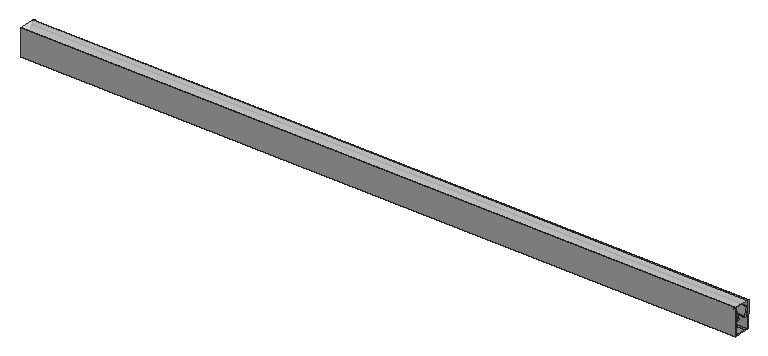
Revit family "2093117 Sylvania Lighting Fixture MC2 2-4M 4K DALI WHT OPAL Surface", category Lighting Fixtures, host Face, Revit 2016
Family settings
  Host = Face
  Part Type = Normal
  Round Connector Dimension = Use Diameter
  OmniClass Number = 23.80.70.11.17
  OmniClass Title = Specialized Lighting by Location or Use
  Cut with Voids When Loaded = No
  Light Source = Yes
  Shared = No
  Room Calculation Point = No
Parameters (values of type "2093117 MC2 2.4M 4K DALI WHT OPAL Surface")
  Width_SYL = 54.0 mm
  Weight = "5.544 kg"
  Wattage = 42 W
  WarrantyStartDate [instance] = "n/a"
  WarrantyGuarantorParts = "n/a"
  WarrantyDurationUnit = "n/a"
  WarrantyDurationParts = "n/a"
  WarrantyDescription = "n/a"
  built-in parameter 1150110 = 1 (stored number, unit not read)
  Voltage = 0 V
  URL = "http://www.sylvania-lighting.com"
  TypeName = "MC2 2.4M 4K DALI WHT OPAL Surface"
  built-in parameter 1114217 = 1 (stored number, unit not read)
  Tilt Angle = -90.00°
  built-in parameter 1150109 = 1 (stored number, unit not read)
  built-in parameter 1150134 = 12
  built-in parameter 1150113 = 1 (stored number, unit not read)
  SerialNumber [instance] = "n/a"
  PowerFactor = 0.98
  PowerConsumption = "42 W"
  NominalWidth = 0.0 mm
  NominalLength = 2400.0 mm
  NominalHeight = 86.0 mm
  Name = "MC2 2.4M 4K DALI WHT OPAL Surface"
  ModelReference = "MC2 2.4M 4K DALI WHT OPAL Surface"
  ModelNumber = "2093117"
  Material_3_SYL = Metal_Sylvania_Mini Contiuum II_Silver
  Photometric Web File = "2093117.ies"
  Material_4_SYL = Metal_Sylvania_Mini Contiuum II_Silver
  Material = "aluminium housing, polycarbonate diffuser"
  ManufacturerName = "Feilo Sylvania"
  LuminousEfficacy = "111 lm/W"
  LuminaireType = ""
  LightOutputRatio = "100"
  Length_SYL = 2400.0 mm
  LampsType = Lamp  # "LED"
  LampNominalLuminous = "4680 lm"
  LampMacAdamStep = "3"
  LampColourTemperature = "4000 K"
  LampColourRenderingIndex = "80"
  Keynote = "16500"
  InstallationDate [instance] = "n/a"
  InputVoltage = "n/a"
  InputNominalFrequency = "n/a"
  IngressProtection = "IP20"
  ImpactProtectionIndex = "n/a"
  IfcExportType = "IfcLightFixtureType"
  IfcExportAs = "IfcLightFixtureType"
  Height_SYL = 86.0 mm
  ExpectedLife = 50000
  EndCapRight_SYL [instance] = no
  EndCapLeft_SYL [instance] = no
  Emit from Rectangle Width = Width_SYL - 2.0 mm  # 52.0 mm
  Emit from Rectangle Length = Length_SYL  # 2400.0 mm
  Emit Shape Visible in Rendering = no
  ElectricShockClassification = "Class I"
  DurationUnit = "hours"
  DocumentationLiterature = "http://www.sylvania-lighting.com/product/en-int/products/2093117"
  DimmingControlOptions = "n/a"
  CreatedOn = "10/15/2018"
  CreatedBy = "@sylvania-lighting.com"
  built-in parameter 1114216 [instance] = 1 (stored number, unit not read)
  Model = "MC2 2.4M 4K DALI WHT OPAL Surface"
  Manufacturer = "Feilo Sylvania"
  built-in parameter 1150105 = 370.99 (stored number, unit not read)
  Lumens = 4662 lm
  built-in parameter 1150115 = 1 (stored number, unit not read)
  built-in parameter 1150137 = (empty or 0)
  built-in parameter 1150139 = (empty or 0)
  built-in parameter 1150112 = 1 (stored number, unit not read)
  built-in parameter 1150114 = 1 (stored number, unit not read)
  Lamp = "LED"
  built-in parameter 1150132 = 2
  built-in parameter 1150102 = (empty or 0)
  built-in parameter 1150107 = 4000 (stored number, unit not read)
  built-in parameter 1150138 = (empty or 0)
  built-in parameter 1150106 = 3.7099 (stored number, unit not read)
  Material_1_SYL = Metal_Sylvania_Mini Continuum II_White
  built-in parameter 1150104 = 10.312 (stored number, unit not read)
  Dimming Lamp Color Temperature Shift = <None>
  Material_2_SYL = Polycarbonate_Sylvania_Mini Continuum II_Opal_4000K
  Description = "2093117   MC2 2.4M 4K DALI WHT OPAL  Continuous lines of LED light, white RAL 9016, direct distribution, trimless detail for a seamless finish, suitable for recessed, semi-recessed, surface-mounted or suspended installation either horizontally or vertically, various accessories available, compact and minimalist design based on the Golden Mean, ideal for offices, meeting rooms, corridors, education facilities, museums and libraries, extruded aluminium body, diffuser: opal, colour temperature: 4000K neutral white, total system power: 42W, total fixture output: 4414lm, luminaire efficacy: 105lm/W, LOR: 100%, colour rendering: Ra >80, LED Chromacity: 1 step MacAdam ellipse, lifetime: 60,000 hours at 90% of the original output (L90), energy class: A++, A+, A, IR/UV free light source without heat radiation, operating voltage: 220-240V / 50-60Hz, drive current: 800mA, electronic driver, DALI dimmable, electrical protection: CLASS I, IP20, suitable for internal environment only."
  Default Elevation = 0.0 mm
  Color Filter = 16777215
  built-in parameter 1140040 [instance] = 1
  BarCode [instance] = "n/a"
  built-in parameter 1114218 = 1 (stored number, unit not read)
  built-in parameter 1150133 = 10 (stored number, unit not read)
  AssetType = "Fixed"
  AssetIdentifier [instance] = "n/a"
  Assembly Code = "D5020200"
  Apparent Load = 42 VA
Reference planes
  plane 1 "Center (Front/Back)": y = 0
  plane 2 "Bottom Fixtures": z = 0
  plane 3 "Center (Left/Right)": x = 0
  plane 4 "Fixture Left": x = -1200
  plane 5 "Fixture Right": x = 1200
  plane 6 "Fixture Bottom": z = 86
  plane 7: z = 84
  plane 8: z = 82
  plane 9: z = 72.951
  plane 10: z = 42.951
  plane 11 "Fixture Top": z = 0
  plane 12 "Mounting Right": x = 1172
  plane 13 "Mounting Left": x = -1172
  plane 14: y = 27
  plane 15: y = -27
  plane 16: y = -26
  plane 17: y = -25
  plane 18: y = 26
  plane 19: y = 25
  plane 20: y = 11
  plane 21: y = -11
  plane 22: y = 24
  plane 23: y = 22
  plane 24: y = -22
  plane 25: y = 15
  plane 26: y = -15
  plane 27 "Upper Diffuser Left": x = -1050
  plane 28 "Upper Diffuser Right": x = 1050
  plane 29: x = -1202
  plane 30: x = 1202
Forms (mm)
  Extrusion 1, solid, material "Metal_Sylvania_Mini Continuum II_White" <- "Material_1_SYL", detail levels fine
    sketch origin (0, 0, 520) x (0, 1, 0) y (0, 0, 1)
      loop
        line (27, -434) -> (26, -434) -> (26, -436) -> (25, -436) -> (25, -518) -> (13, -518) -> (13, -516) -> (-13, -516) -> (-13, -518) -> (-25, -518) -> (-25, -436) -> (-26, -436) -> (-26, -434) -> (-27, -434) -> (-27, -520) -> (-11, -520) -> (-11, -518) -> (11, -518) -> (11, -520) -> (27, -520) -> (27, -434)
    from -1200 to 1200
  Extrusion 2, solid, material "Polycarbonate_Sylvania_Mini Continuum II_Opal_4000K" <- "Material_2_SYL", detail levels fine
    sketch origin (0, 0, 520) x (0, 1, 0) y (0, 0, 1)
      loop
        line (-26, -434) -> (-26, -436) -> (26, -436) -> (26, -434) -> (-26, -434)
    from -1200 to 1200
  Extrusion 3, solid, material "Metal_Sylvania_Mini Contiuum II_Silver" <- "Material_3_SYL", detail levels fine
    sketch origin (0, 0, 520) x (0, 1, 0) y (0, 0, 1)
      loop
        line (22, -447.049) -> (20.973, -447.049) -> (14.206, -476.049) -> (11, -476.049) -> (11, -477.049) -> (15, -477.049) -> (22, -447.049)
      loop
        line (-15, -477.049) -> (-11, -477.049) -> (-11, -476.049) -> (-14.206, -476.049) -> (-20.973, -447.049) -> (-22, -447.049) -> (-15, -477.049)
    from -1200 to 1200
  Extrusion 4, solid, material "Metal_Sylvania_Mini Continuum II_White" <- "Material_1_SYL", detail levels coarse+medium
    sketch origin (0, 0, 520) x (0, 1, 0) y (0, 0, 1)
      loop
        line (-27, -434) -> (-27, -520) -> (27, -520) -> (27, -434) -> (-27, -434)
    from -1200 to 1200
  Extrusion 5, solid, material "Metal_Sylvania_Mini Continuum II_White" <- "Material_1_SYL", visible <- "EndCapLeft_SYL"
    sketch origin (-1200, 171.684, 1219.2) x (0, 1, 0) y (0, 0, 1)
      loop
        line (-198.684, -1219.2) -> (-144.684, -1219.2) -> (-144.684, -1133.2) -> (-198.684, -1133.2) -> (-198.684, -1219.2)
    from 0 to -2
  Extrusion 6, solid, material "Metal_Sylvania_Mini Continuum II_White" <- "Material_1_SYL", visible <- "EndCapRight_SYL"
    sketch origin (1200, 171.684, 1219.2) x (0, 1, 0) y (0, 0, -1)
      loop
        line (-144.684, 1133.2) -> (-144.684, 1219.2) -> (-198.684, 1219.2) -> (-198.684, 1133.2) -> (-144.684, 1133.2)
    from 0 to -2
Lines and regions (mm)
  Masking region 1
    outline origin (0, 0, -86) x (-1, 0, 0) y (0, -1, 0)
      loop
        line (1200, -27) -> (1200, 27) -> (-1200, 27) -> (-1200, -27) -> (1200, -27)
  symbolic lines, detail levels fine
    curve 1: line (-1200, 26, -86) -> (1200, 26, -86)
    curve 2: line (-1200, -26, -86) -> (1200, -26, -86)
Dimensions and locks
  host sketch curve to plane 3 "Center (Left/Right)" to host sketch curve = 820.0 mm, 775.047 mm
  equal spacing: plane 4 "Fixture Left", plane 3 "Center (Left/Right)", plane 5 "Fixture Right"
  "Length_SYL": plane 4 "Fixture Left" to plane 5 "Fixture Right"
  plane 6 "Fixture Bottom" to plane 7 to plane 8 to plane 9 to plane 10 = 2.0 mm locked, 2.0 mm locked, 9.049 mm locked, 30.0 mm locked
  locked: Extrusion 1 sketch curve to Extrusion 1 sketch curve at 2
  locked: Extrusion 1 sketch curve to plane 11 "Fixture Top" at 2
  "Height_SYL": plane 6 "Fixture Bottom" to plane 11 "Fixture Top"
  locked: plane 12 "Mounting Right" to plane 5 "Fixture Right" at 28
  locked: plane 4 "Fixture Left" to plane 13 "Mounting Left" at 28
  plane 6 "Fixture Bottom" to plane 2 "Bottom Fixtures" = 86.0 mm
  equal spacing: plane 14, plane 1 "Center (Front/Back)", plane 15
  "Width_SYL": plane 14 to plane 15
  plane 21 to plane 26 to plane 24 to plane 17 to plane 16 to plane 15 = 4.0 mm locked, 7.0 mm locked, 3.0 mm locked, 1.0 mm locked, 1.0 mm locked
  plane 14 to plane 18 to plane 19 to plane 22 to plane 23 to plane 25 to plane 20 = 1.0 mm locked, 1.0 mm locked, 1.0 mm locked, 2.0 mm locked, 7.0 mm locked, 4.0 mm locked
  locked: plane 4 "Fixture Left" to plane 27 "Upper Diffuser Left" at 150
  locked: plane 28 "Upper Diffuser Right" to plane 5 "Fixture Right" at 150
  equal spacing: plane 29, plane 3 "Center (Left/Right)", plane 30
  locked: plane 29 to plane 4 "Fixture Left" at 2
  aligned and locked: plane 2 "Bottom Fixtures" to host face
  aligned and locked: level to host face
  aligned and locked: plane 5 "Fixture Right" to curve 1
  aligned and locked: plane 4 "Fixture Left" to curve 1
  aligned and locked: plane 4 "Fixture Left" to curve 2
  aligned and locked: plane 5 "Fixture Right" to curve 2
  aligned and locked: Extrusion 1 sketch curve to plane 7
  aligned and locked: plane 6 "Fixture Bottom" to Extrusion 1 sketch curve  (x2)
  aligned and locked: plane 7 to Extrusion 1 sketch curve
  aligned and locked: Extrusion 1 to Extrusion 2 sketch curve
  aligned and locked: Extrusion 2 sketch curve to Extrusion 1  (x3)
  aligned and locked: Extrusion 3 sketch curve to plane 10
  aligned and locked: plane 9 to Extrusion 3 sketch curve
  aligned and locked: Extrusion 3 sketch curve to plane 9
  aligned and locked: Extrusion 4 sketch curve to plane 6 "Fixture Bottom"
  aligned and locked: Extrusion 4 to plane 4 "Fixture Left"
  aligned and locked: Extrusion 2 to plane 4 "Fixture Left"
  aligned and locked: Extrusion 3 to plane 4 "Fixture Left"
  aligned and locked: Extrusion 1 to plane 4 "Fixture Left"
  aligned and locked: Extrusion 4 to plane 5 "Fixture Right"
  aligned and locked: Extrusion 2 to plane 5 "Fixture Right"
  aligned and locked: Extrusion 3 to plane 5 "Fixture Right"
  aligned and locked: Extrusion 1 to plane 5 "Fixture Right"
  aligned and locked: plane 11 "Fixture Top" to Extrusion 4 sketch curve
  aligned and locked: Extrusion 1 sketch curve to plane 11 "Fixture Top"  (x2)
  aligned and locked: Extrusion 1 sketch curve to Extrusion 1 sketch curve
  aligned and locked: plane 6 "Fixture Bottom" to imposter light
  aligned and locked: plane 20 to Extrusion 3 sketch curve
  aligned and locked: Extrusion 3 sketch curve to plane 21
  aligned and locked: Extrusion 5 sketch curve to Extrusion 4  (x4)
  aligned and locked: Extrusion 5 to plane 29
  aligned and locked: plane 4 "Fixture Left" to Extrusion 5
  aligned and locked: Extrusion 6 sketch curve to Extrusion 4  (x4)
  aligned and locked: plane 30 to Extrusion 6
  aligned and locked: plane 5 "Fixture Right" to Extrusion 6
Automatic sketch dimensions
  host sketch curve to host sketch curve = 1047.463 mm
  plane 18 to curve 1 = 0.0 mm
  curve 2 to plane 16 = 0.0 mm
  Masking region 1 sketch curve to plane 5 "Fixture Right" = 0.0 mm
  Masking region 1 sketch curve to plane 4 "Fixture Left" = 0.0 mm
  plane 14 to Masking region 1 sketch curve = 0.0 mm
  Masking region 1 sketch curve to plane 15 = 0.0 mm
  Extrusion 1 sketch curve to plane 15 = 0.0 mm
  Extrusion 1 sketch curve to plane 16 = 0.0 mm
  Extrusion 1 sketch curve to plane 17 = 0.0 mm
  Extrusion 1 sketch curve to plane 21 = 0.0 mm
  Extrusion 1 sketch curve to plane 20 = 0.0 mm
  Extrusion 1 sketch curve to plane 19 = 0.0 mm
  Extrusion 1 sketch curve to plane 18 = 0.0 mm
  Extrusion 1 sketch curve to plane 14 = 0.0 mm
  plane 11 "Fixture Top" to Extrusion 1 sketch curve = 2.0 mm
  Extrusion 1 sketch curve to plane 21 = 2.0 mm
  Extrusion 1 sketch curve to plane 20 = 2.0 mm
  Extrusion 3 sketch curve to plane 24 = 0.0 mm
  Extrusion 3 sketch curve to plane 26 = 0.0 mm
  Extrusion 3 sketch curve to plane 25 = 0.0 mm
  Extrusion 3 sketch curve to plane 23 = 0.0 mm
  plane 10 to Extrusion 3 sketch curve = 1.0 mm
  Extrusion 3 sketch curve to Extrusion 3 sketch curve = 1.027 mm
  plane 26 to Extrusion 3 sketch curve = 0.794 mm
  plane 25 to Extrusion 3 sketch curve = 0.794 mm
  plane 23 to Extrusion 3 sketch curve = 1.027 mm
  Extrusion 4 sketch curve to plane 15 = 0.0 mm
  Extrusion 4 sketch curve to plane 14 = 0.0 mm
  Extrusion 3 sketch curve to Extrusion 3 sketch curve = 0.0 mm
  Extrusion 3 sketch curve to plane 10 = 0.0 mm
Connectors
  electrical at (1200, 0, 35), driven by "Apparent Load"
    settings: on Extrusion 1, index 1, voltage 230 V, apparent load 0 VA, apparent load phase1 42 VA, apparent load phase2 0 VA, apparent load phase3 0 VA, power factor 1, load classification "Lighting", number of poles 1, system type 31, power factor state 1, is connector primary yes, connector utility no, sub classification motor no, connector description ""
